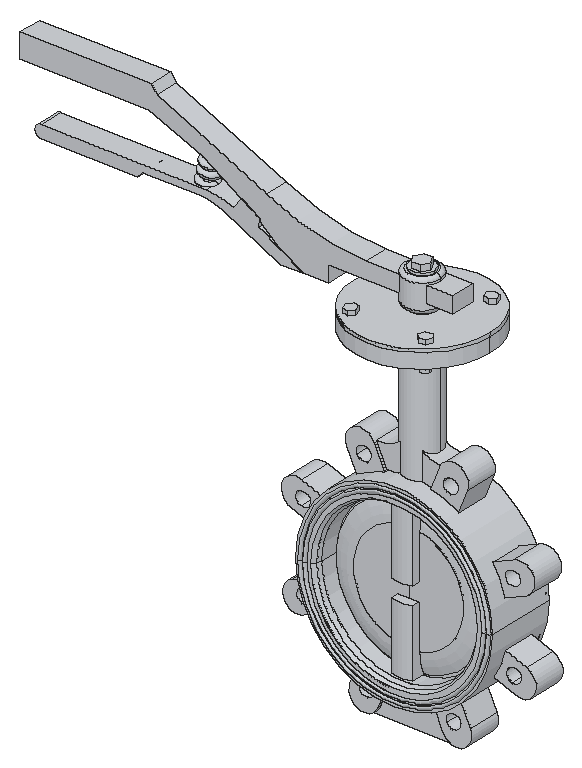
Revit family "R59FLX008", category Plumbing Fixtures, Revit 2015
Reference planes
  plane 1 "Center (Front/Back)": y = 0
  plane 2: z = 0
  plane 3 "Center (Left/Right)": x = 0
  plane 4: z = 160
  plane 5: x = -260
  plane 6: z = 237
  plane 7: z = 187
  plane 8: z = -85
  plane 9: z = -30
  plane 10: z = 190
  plane 11: y = -22.988
  plane 12: y = 23.012
  plane 13: z = -36.419
Forms (mm)
  Extrusion 1, solid
    sketch origin (0, 0, 150) x (1, 0, 0) y (0, 1, 0)
      loop
        circle (0, 0) r 45
    from 0 to 10
  Extrusion 2, solid
    sketch origin (0, 45.948, -120.573) x (1, 0, 0) y (0, 0, 1)
      loop
        arc (-96.679, 319.319) -> (-132.67, 336.792) -> (-169.654, 352.049) r 659.286
        line (-169.654, 352.049) -> (-172.843, 357.573) -> (-260, 357.573) -> (-260, 341.853) -> (-174.471, 341.853)
        arc (-174.471, 341.853) -> (-122.152, 316.93) -> (-77.024, 280.573) r 248.649
        line (-77.024, 280.573) -> (-55.568, 280.573) -> (-55.568, 291.199) -> (26.878, 291.199) -> (26.878, 302.179) -> (-30.767, 302.179)
        arc (-30.767, 302.179) -> (-64.704, 306.978) -> (-96.679, 319.319) r 150.722
    from 37.966 to 54.11
  Extrusion 3, solid
    sketch origin (-37.783, 45.948, -190.087) x (1, 0, 0) y (0, 0, 1)
      loop
        line (-98.516, 377.301) -> (-208.006, 377.301)
        arc (-208.006, 377.301) -> (-212.274, 373.033) -> (-208.006, 368.766) r 4.268
        line (-208.006, 368.766) -> (-144.475, 368.766) -> (-140.939, 372.301) -> (-103.305, 372.301)
        arc (-103.305, 372.301) -> (-95.507, 371.471) -> (-88.058, 369.019) r 37.057
        arc (-88.058, 369.019) -> (-68.407, 360.05) -> (-49.241, 350.087) r 421.945
        line (-49.241, 350.087) -> (-34.866, 350.087)
        arc (-34.866, 350.087) -> (-48.985, 359.43) -> (-64, 367.252) r 162.429
        line (-64, 367.252) -> (-63.437, 371.843) -> (-74.98, 380.231) -> (-80.609, 372.485)
        arc (-80.609, 372.485) -> (-89.36, 375.646) -> (-98.516, 377.301) r 55.494
    from 37.966 to 54.11
  Extrusion 4, solid
    sketch origin (0, 0, -76.95) x (1, 0, 0) y (0, 1, 0)
      loop
        circle (0, 0) r 12
    from 139.942 to 226.95
  Revolve 5, solid
    sketch origin (0, 0, 0) x (0, 1, 0) y (0, 0, 1)
      loop
        line (11.11, 0) -> (-11.11, 0) -> (-11.11, -36.419)
        arc (-11.11, -36.419) -> (-10.33, -43.591) -> (-8, -50.419) r 32.79
        line (-8, -50.419) -> (-6, -50.419) -> (-6, -53.419) -> (0, -53.419) -> (6, -53.419) -> (6, -50.419) -> (8, -50.419)
        arc (8, -50.419) -> (10.33, -43.591) -> (11.11, -36.419) r 32.79
        line (11.11, -36.419) -> (11.11, 0)
      axis (11.11, 0) -> (-11.11, 0)
    angle from 0 to 360
  Blend 6, solid
    base sketch origin (0, 0, -4.163) x (1, 0, 0) y (0, 1, 0)
      loop
        line (-6.883, 16.4) -> (-6.883, -16.4)
        arc (-6.883, -16.4) -> (0, -18.078) -> (6.883, -16.4) r 14.953
        line (6.883, -16.4) -> (6.883, 16.4)
        arc (6.883, 16.4) -> (0, 18.078) -> (-6.883, 16.4) r 14.953
    top sketch origin (0, 0, 0) x (1, 0, 0) y (0, 1, 0)
      loop
        line (-6.883, 16.4) -> (-6.883, -16.4)
        arc (-6.883, -16.4) -> (0, -18.078) -> (6.883, -16.4) r 14.953
        line (6.883, -16.4) -> (6.883, 16.4)
        arc (6.883, 16.4) -> (0, 18.078) -> (-6.883, 16.4) r 14.953
    from 10.163 to 50.498
  Blend 7, solid
    base sketch origin (0, 0, -38.601) x (0, -1, 0) y (1, 0, 0)
      loop
        line (-16.4, -6.883) -> (16.4, -6.883)
        arc (16.4, -6.883) -> (18.078, 0) -> (16.4, 6.883) r 14.953
        line (16.4, 6.883) -> (-16.4, 6.883)
        arc (-16.4, 6.883) -> (-18.078, 0) -> (-16.4, -6.883) r 14.953
    top sketch origin (0, 0, -35.117) x (0, -1, 0) y (1, 0, 0)
      loop
        line (-16.4, -6.883) -> (16.4, -6.883)
        arc (16.4, -6.883) -> (18.078, 0) -> (16.4, 6.883) r 14.953
        line (16.4, 6.883) -> (-16.4, 6.883)
        arc (-16.4, 6.883) -> (-18.078, 0) -> (-16.4, -6.883) r 14.953
    from -11.937 to 29.117
  Extrusion 8, solid
    sketch origin (-1.088, 0, 2.271) x (0.99863, 0, -0.052336) y (0.052336, 0, 0.99863)
      loop
        line (-18.251, 60.114) -> (-25.459, 74.264)
        arc (-25.459, 74.264) -> (-38.908, 78.635) -> (-43.28, 65.186) r 10
        line (-43.28, 65.186) -> (-36.072, 51.036) -> (-18.251, 60.114)
      loop
        circle (-32.1, 65.269) r 5
    from -10.546 to 10.991
  Extrusion 9, solid
    sketch origin (0.837, 0, 2.375) x (0.669131, 0, -0.743145) y (0.743145, 0, 0.669131)
      loop
        line (-18.251, 60.114) -> (-25.459, 74.264)
        arc (-25.459, 74.264) -> (-38.908, 78.635) -> (-43.28, 65.186) r 10
        line (-43.28, 65.186) -> (-36.072, 51.036) -> (-18.251, 60.114)
      loop
        circle (-32.1, 65.269) r 5
    from -10.546 to 10.991
  Extrusion 10, solid
    sketch origin (2.271, 0, 1.088) x (-0.052336, 0, -0.99863) y (0.99863, 0, -0.052336)
      loop
        line (-18.251, 60.114) -> (-25.459, 74.264)
        arc (-25.459, 74.264) -> (-38.908, 78.635) -> (-43.28, 65.186) r 10
        line (-43.28, 65.186) -> (-36.072, 51.036) -> (-18.251, 60.114)
      loop
        circle (-32.1, 65.269) r 5
    from -10.546 to 10.991
  Extrusion 11, solid
    sketch origin (2.375, 0, -0.837) x (-0.743145, 0, -0.669131) y (0.669131, 0, -0.743145)
      loop
        line (-18.251, 60.114) -> (-25.459, 74.264)
        arc (-25.459, 74.264) -> (-38.908, 78.635) -> (-43.28, 65.186) r 10
        line (-43.28, 65.186) -> (-36.072, 51.036) -> (-18.251, 60.114)
      loop
        circle (-32.1, 65.269) r 5
    from -10.546 to 10.991
  Extrusion 12, solid
    sketch origin (1.088, 0, -2.271) x (-0.99863, 0, 0.052336) y (-0.052336, 0, -0.99863)
      loop
        line (-18.251, 60.114) -> (-25.459, 74.264)
        arc (-25.459, 74.264) -> (-38.908, 78.635) -> (-43.28, 65.186) r 10
        line (-43.28, 65.186) -> (-36.072, 51.036) -> (-18.251, 60.114)
      loop
        circle (-32.1, 65.269) r 5
    from -10.546 to 10.991
  Extrusion 13, solid
    sketch origin (-0.837, 0, -2.375) x (-0.669131, 0, 0.743145) y (-0.743145, 0, -0.669131)
      loop
        line (-18.251, 60.114) -> (-25.459, 74.264)
        arc (-25.459, 74.264) -> (-38.908, 78.635) -> (-43.28, 65.186) r 10
        line (-43.28, 65.186) -> (-36.072, 51.036) -> (-18.251, 60.114)
      loop
        circle (-32.1, 65.269) r 5
    from -10.546 to 10.991
  Extrusion 14, solid
    sketch origin (-2.271, 0, -1.088) x (0.052336, 0, 0.99863) y (-0.99863, 0, 0.052336)
      loop
        line (-18.251, 60.114) -> (-25.459, 74.264)
        arc (-25.459, 74.264) -> (-38.908, 78.635) -> (-43.28, 65.186) r 10
        line (-43.28, 65.186) -> (-36.072, 51.036) -> (-18.251, 60.114)
      loop
        circle (-32.1, 65.269) r 5
    from -10.546 to 10.991
  Extrusion 15, solid
    sketch origin (-2.375, 0, 0.837) x (0.743145, 0, 0.669131) y (-0.669131, 0, 0.743145)
      loop
        line (-18.251, 60.114) -> (-25.459, 74.264)
        arc (-25.459, 74.264) -> (-38.908, 78.635) -> (-43.28, 65.186) r 10
        line (-43.28, 65.186) -> (-36.072, 51.036) -> (-18.251, 60.114)
      loop
        circle (-32.1, 65.269) r 5
    from -10.546 to 10.991
  Extrusion 16, solid
    sketch origin (99.126, -27.447, 162) x (0, -1, 0) y (1, 0, 0)
      loop
        line (3.99, -123.113) -> (0.805, -120.344) -> (-3.184, -121.718) -> (-3.99, -125.86) -> (-0.805, -128.628) -> (3.184, -127.254) -> (3.99, -123.113)
    from 0 to 3
  Extrusion 17, solid
    sketch origin (99.126, -27.447, 142) x (0, -1, 0) y (1, 0, 0)
      loop
        circle (0, -124.486) r 3
    from 2.505 to 20
  Extrusion 18, solid
    sketch origin (99.126, -27.447, 149) x (0, -1, 0) y (1, 0, 0)
      loop
        line (3.99, -123.113) -> (0.805, -120.344) -> (-3.184, -121.718) -> (-3.99, -125.86) -> (-0.805, -128.628) -> (3.184, -127.254) -> (3.99, -123.113)
      loop
        line (-3.444, -125.672) -> (-0.695, -128.061) -> (2.749, -126.876) -> (3.444, -123.301) -> (0.695, -120.911) -> (-2.749, -122.097) -> (-3.444, -125.672)
    from -1.968 to 1
  Extrusion 19, solid, not visible
    sketch origin (26.117, -96.518, 104.233) x (0, -1, 0) y (1, 0, 0)
      loop
        line (3.99, -123.113) -> (0.805, -120.344) -> (-3.184, -121.718) -> (-3.99, -125.86) -> (-0.805, -128.628) -> (3.184, -127.254) -> (3.99, -123.113)
    from 0 to 3
  Extrusion 20, solid, not visible
    sketch origin (26.117, -96.518, 84.233) x (0, -1, 0) y (1, 0, 0)
      loop
        circle (0, -124.486) r 3
    from 2.505 to 20
  Extrusion 21, solid, not visible
    sketch origin (26.117, -96.518, 91.233) x (0, -1, 0) y (1, 0, 0)
      loop
        line (3.99, -123.113) -> (0.805, -120.344) -> (-3.184, -121.718) -> (-3.99, -125.86) -> (-0.805, -128.628) -> (3.184, -127.254) -> (3.99, -123.113)
      loop
        line (-3.444, -125.672) -> (-0.695, -128.061) -> (2.749, -126.876) -> (3.444, -123.301) -> (0.695, -120.911) -> (-2.749, -122.097) -> (-3.444, -125.672)
    from -1.968 to 1
  Extrusion 22, solid
    sketch origin (0, 0, 160) x (1, 0, 0) y (0, 1, 0)
      loop
        circle (0, 0) r 45
    from 0 to 2
  Extrusion 23, solid
    sketch origin (99.126, -27.447, 162) x (0, -1, 0) y (1, 0, 0)
      loop
        line (-58.884, -123.113) -> (-58.079, -127.254) -> (-54.09, -128.628) -> (-50.905, -125.86) -> (-51.71, -121.718) -> (-55.7, -120.344) -> (-58.884, -123.113)
    from 0 to 3
  Extrusion 24, solid
    sketch origin (99.126, -27.447, 142) x (0, -1, 0) y (1, 0, 0)
      loop
        circle (-54.895, -124.486) r 3
    from 2.505 to 20
  Extrusion 25, solid
    sketch origin (99.126, -27.447, 149) x (0, -1, 0) y (1, 0, 0)
      loop
        line (-58.884, -123.113) -> (-58.079, -127.254) -> (-54.09, -128.628) -> (-50.905, -125.86) -> (-51.71, -121.718) -> (-55.7, -120.344) -> (-58.884, -123.113)
      loop
        line (-51.451, -125.672) -> (-52.146, -122.097) -> (-55.59, -120.911) -> (-58.339, -123.301) -> (-57.644, -126.876) -> (-54.2, -128.061) -> (-51.451, -125.672)
    from -1.968 to 1
  Extrusion 26, solid
    sketch origin (-100.376, 27.447, 162) x (0, 1, 0) y (-1, 0, 0)
      loop
        line (-58.884, -123.113) -> (-58.079, -127.254) -> (-54.09, -128.628) -> (-50.905, -125.86) -> (-51.71, -121.718) -> (-55.7, -120.344) -> (-58.884, -123.113)
    from 0 to 3
  Extrusion 27, solid
    sketch origin (-100.376, 27.447, 142) x (0, 1, 0) y (-1, 0, 0)
      loop
        circle (-54.895, -124.486) r 3
    from 2.505 to 20
  Extrusion 28, solid
    sketch origin (-100.376, 27.447, 149) x (0, 1, 0) y (-1, 0, 0)
      loop
        line (-58.884, -123.113) -> (-58.079, -127.254) -> (-54.09, -128.628) -> (-50.905, -125.86) -> (-51.71, -121.718) -> (-55.7, -120.344) -> (-58.884, -123.113)
      loop
        line (-51.451, -125.672) -> (-52.146, -122.097) -> (-55.59, -120.911) -> (-58.339, -123.301) -> (-57.644, -126.876) -> (-54.2, -128.061) -> (-51.451, -125.672)
    from -1.968 to 1
  Extrusion 29, solid
    sketch origin (-100.376, 27.447, 162) x (0, 1, 0) y (-1, 0, 0)
      loop
        line (3.99, -123.113) -> (0.805, -120.344) -> (-3.184, -121.718) -> (-3.99, -125.86) -> (-0.805, -128.628) -> (3.184, -127.254) -> (3.99, -123.113)
    from 0 to 3
  Extrusion 30, solid
    sketch origin (-100.376, 27.447, 142) x (0, 1, 0) y (-1, 0, 0)
      loop
        circle (0, -124.486) r 3
    from 2.505 to 20
  Extrusion 31, solid
    sketch origin (-100.376, 27.447, 149) x (0, 1, 0) y (-1, 0, 0)
      loop
        line (3.99, -123.113) -> (0.805, -120.344) -> (-3.184, -121.718) -> (-3.99, -125.86) -> (-0.805, -128.628) -> (3.184, -127.254) -> (3.99, -123.113)
      loop
        line (-3.444, -125.672) -> (-0.695, -128.061) -> (2.749, -126.876) -> (3.444, -123.301) -> (0.695, -120.911) -> (-2.749, -122.097) -> (-3.444, -125.672)
    from -1.968 to 1
  Extrusion 32, solid
    sketch origin (125.063, -27.447, 187.144) x (0, -1, 0) y (1, 0, 0)
      loop
        line (-32.638, -122.069) -> (-32.638, -128.062) -> (-27.447, -131.059) -> (-22.257, -128.062) -> (-22.257, -122.069) -> (-27.447, -119.072) -> (-32.638, -122.069)
    from -1.014 to 2.856
  Extrusion 33, solid
    sketch origin (124.477, -54.895, 182.2) x (0, -1, 0) y (1, 0, 0)
      loop
        circle (-54.895, -124.486) r 8
    from -22.2 to 3.931
  Sweep 34, solid
    path origin (0, 0, 0) x (1, 0, 0) y (0, 0, 1)
      loop
        circle (0, 0) r 66
    profile origin (0, 0, -66) x (0, 0, 1) y (0, -1, 0)
      loop
        line (0.625, 23.012) -> (0.625, -23.012) -> (2.39, -23.012)
        arc (2.39, -23.012) -> (3.404, -24.026) -> (4.417, -23.012) r 1.014
        line (4.417, -23.012) -> (5.69, -23.012)
        arc (5.69, -23.012) -> (6.704, -24.026) -> (7.718, -23.012) r 1.014
        line (7.718, -23.012) -> (10.888, -23.012) -> (12.517, -20.67) -> (13.454, -17.173) -> (13.454, 17.173) -> (12.517, 20.67) -> (10.888, 23.012) -> (7.718, 23.012)
        arc (7.718, 23.012) -> (6.704, 24.026) -> (5.69, 23.012) r 1.014
        line (5.69, 23.012) -> (4.417, 23.012)
        arc (4.417, 23.012) -> (3.404, 24.026) -> (2.39, 23.012) r 1.014
        line (2.39, 23.012) -> (0.625, 23.012)
  Extrusion 35, solid
    sketch origin (0, 0, 3.09) x (1, 0, 0) y (0, 0, 1)
      loop
        line (-26.129, 76.28) -> (-19.322, 60.987) -> (16.826, 60.987) -> (22.423, 75.562)
        arc (22.423, 75.562) -> (9.968, 78.332) -> (1.583, 87.951) r 20.435
        line (1.583, 87.951) -> (1.583, 61.435) -> (-1.691, 61.435) -> (-1.691, 87.701)
        arc (-1.691, 87.701) -> (-11.758, 77.385) -> (-26.129, 76.28) r 20.435
    from -7.881 to 9.454
  Extrusion 36, solid
    sketch origin (-2.813, 0.293, -2.432) x (1, 0, 0) y (0, 0, 1)
      loop
        line (27.801, -76.16) -> (21.045, -60.987) -> (-13.802, -60.987) -> (-19.483, -75.781)
        arc (-19.483, -75.781) -> (-21.413, -78.916) -> (-24.347, -81.141) r 10
        line (-24.347, -81.141) -> (34.329, -81.141)
        arc (34.329, -81.141) -> (30.429, -79.484) -> (27.801, -76.16) r 8.561
    from -9.388 to 9.974
  Revolve 37, solid
    sketch origin (0, 0, 20) x (1, 0, 0) y (0, 0, 1)
      loop
        line (-9.486, 143.746) -> (0, 143.746) -> (0, 165) -> (-9.486, 165)
        arc (-9.486, 165) -> (-11.259, 164.265) -> (-11.994, 162.492) r 2.508
        line (-11.994, 162.492) -> (-11.994, 146.254)
        arc (-11.994, 146.254) -> (-11.259, 144.481) -> (-9.486, 143.746) r 2.508
      axis (0, 143.746) -> (0, 165)
    angle from 0 to 360
  Sweep 38, solid
    path origin (-48.156, 0, 186.496) x (0.978732, 0, -0.205142) y (0, 1, 0)
      loop
        circle (-92.344, 0) r 5
    profile origin (-138.536, 5, 205.439) x (0, -1, 0) y (0.205142, 0, 0.978732)
      loop
        circle (0, 0) r 2
  Sweep 39, solid
    path origin (-49.24, 0, 180.236) x (0.978732, 0, -0.205142) y (0, 1, 0)
      loop
        circle (-92.344, 0) r 5
    profile origin (-139.62, 5, 199.18) x (0, -1, 0) y (0.205142, 0, 0.978732)
      loop
        circle (0, 0) r 2
  Sweep 40, solid
    path origin (-50.258, 0, 174.62) x (0.978732, 0, -0.205142) y (0, 1, 0)
      loop
        circle (-92.344, 0) r 5
    profile origin (-140.638, 5, 193.564) x (0, -1, 0) y (0.205142, 0, 0.978732)
      loop
        circle (0, 0) r 2
  Sweep 41, solid
    path origin (-51.686, 0, 167.994) x (0.978732, 0, -0.205142) y (0, 1, 0)
      loop
        circle (-92.344, 0) r 5
    profile origin (-142.066, 5, 186.938) x (0, -1, 0) y (0.205142, 0, 0.978732)
      loop
        circle (0, 0) r 2
Dimensions and locks
  plane 2 to plane 4 = 160 mm
  plane 3 "Center (Left/Right)" to plane 5 = 260 mm
  level to plane 6 = 237 mm
  plane 8 to level = 85 mm
  locked: plane 4 to plane 10 at 30
  plane 12 to plane 11 = 46 mm
  aligned and locked: level to plane 2
